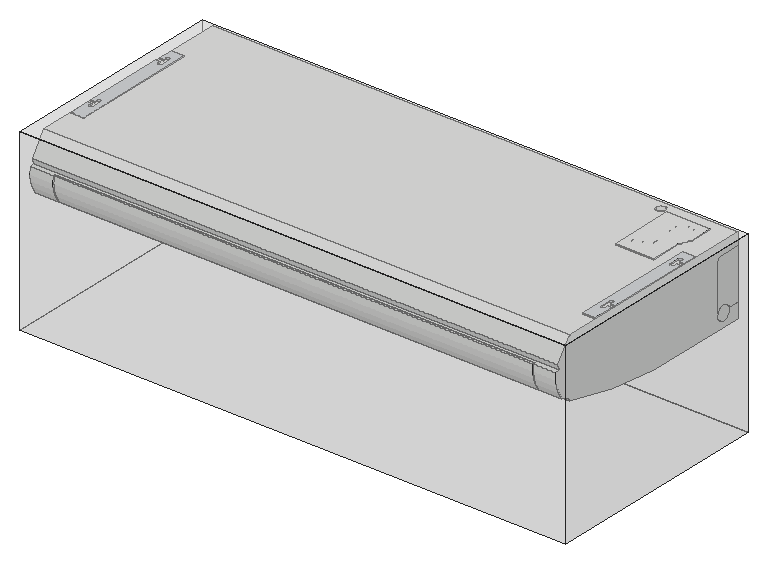
Revit family "outputfile", category 機械設備, Revit 2024
Family settings
  丸型コネクタ寸法 = 半径を使用
  パーツ タイプ = 標準
  OmniClass 番号 = 23.75.10.24.21.27.27
  OmniClass タイトル = Split System Air Conditioning Units
  作業面ベース = いいえ
  常に垂直 = はい
  ロード時にボイドで切り取り = いいえ
  注釈の向きを維持 = いいえ
  共有 = いいえ
  部屋計算ポイント = はい
Parameters (values of type "FHFC140AVM")
  Description = ""
  製造元 = "Daikin"
  書き出し IFC クラス(タイプ) = "IfcUnitaryEquipmentType"
  定義済み IFC タイプ(タイプ) = "AIRCONDITIONINGUNIT"
  Cost = 0
  モデル = "FHFC140AVM"
  Type Comments = ""
  Keynote = ""
  Type Image = (empty or 0)
  Assembly Code = ""
  switch_frequency = yes
  r_Liquid Pipe Size = Liquid Pipe Size / 2  # 4.75 mm
  r_Gas Pipe Size = Gas Pipe Size / 2  # 7.95 mm
  r_Drain Pipe Size = Drain Pipe Size / 2  # 10.0 mm
  l_powersupply [instance] = if(Rear Right Connection_powersupply, 29.0 mm, 175.0 mm)  # 29.0 mm
  h_mountinghole = 2.0 mm  # constant formula
  connector_voltage = Voltage_50Hz  # 230 V
  connector_powerinput = [Power Input (Cooling)]  # 0.000 kW
  connector_phase = Phase_50Hz  # 1
  angle_vertical_powersupply [instance] = if(Rear Right Connection_powersupply, 90.00°, 180.00°)  # 90.00°
  angle_vertical_drainpipe [instance] = if(or(Left Connection_drainpipe, Right Connection_drainpipe), 90.00°, if(Top Connection_drainpipe, 180.00°, -90.00°))  # -90.00°
  angle_horizontal_powersupply [instance] = if(Rear Right Connection_powersupply, 180.00°, 0.00°)  # 180.00°
  angle_horizontal_drainpipe [instance] = if(Right Connection_drainpipe, 90.00°, if(Left Connection_drainpipe, -90.00°, 0.00°))  # 0.00°
  Voltage_comment_50Hz = "220 - 240"
  Voltage_50Hz = 230 V
  URL = ""
  Top Connection_refrigerant [instance] = no
  Top Connection_powersupply [instance] = not(Rear Right Connection_powersupply)  # no
  Right Connection_refrigerant [instance] = no
  Rear Right Connection_refrigerant [instance] = yes
  Phase_50Hz = 1
  Minimum Circuit Amps_50Hz = 0.0 A
  Maximum Fuse Amps_50Hz = 0.0 A
  Material_Casing = DAIKIN_White_Casing_indoorunit
  lw_powersupply [instance] = if(Rear Right Connection_powersupply, 220.0 mm, 210.0 mm)  # 220.0 mm
  lw_mountinghole_pitch = Width - 40.0 mm  # 1550.0 mm
  lw_mountinghole = 20.0 mm  # constant formula
  lw_liquidpipe [instance] = if(Right Connection_refrigerant, 156.0 mm, if(Top Connection_refrigerant, 156.0 mm, 136.0 mm))  # 136.0 mm
  lw_gaspipe = 105.0 mm  # constant formula
  lw_drainpipe [instance] = if(Top Connection_drainpipe, 102.0 mm, if(Width = 960.0 mm, if(or(Left Connection_drainpipe, Rear Left Connection_drainpipe), 884.0 mm, 83.0 mm), if(Width = 1270.0 mm, if(or(Left Connection_drainpipe, Rear Left Connection_drainpipe), 1194.0 mm, 83.0 mm), if(Width = 1590.0 mm, if(or(Left Connection_drainpipe, Rear Left Connection_drainpipe), 1514.0 mm, 83.0 mm), 83.0 mm))))  # 83.0 mm
  lh_powersupply = 175.0 mm  # constant formula
  lh_liquidpipe [instance] = if(Rear Right Connection_refrigerant, 160.0 mm, 131.0 mm)  # 160.0 mm
  lh_gaspipe [instance] = if(Rear Right Connection_refrigerant, 150.0 mm, 91.0 mm)  # 150.0 mm
  lh_drainpipe = 197.0 mm  # constant formula
  l_antena = 1.0 mm  # constant formula
  ld_powersupply = 30.0 mm  # constant formula
  ld_mountinghole_pitch = 260.0 mm  # constant formula
  ld_mountinghole = 210.0 mm  # constant formula
  ld_liquidpipe [instance] = if(Right Connection_refrigerant, 57.0 mm, if(Top Connection_refrigerant, 189.0 mm, 221.0 mm))  # 221.0 mm
  ld_gaspipe [instance] = if(Right Connection_refrigerant, 57.0 mm, if(Top Connection_refrigerant, 163.0 mm, 214.0 mm))  # 214.0 mm
  ld_drainpipe [instance] = if(or(Left Connection_drainpipe, Right Connection_drainpipe), 57.0 mm, if(Top Connection_drainpipe, 87.0 mm, 268.0 mm))  # 268.0 mm
  l_liquidpipe_length [instance] = if(Right Connection_refrigerant, 156.0 mm, if(Top Connection_refrigerant, 131.0 mm, 220.0 mm))  # 220.0 mm
  l_gaspipe_length [instance] = if(Right Connection_refrigerant, 105.0 mm, if(Top Connection_refrigerant, 91.0 mm, 213.0 mm))  # 213.0 mm
  l_drainpipe_length [instance] = if(Right Connection_drainpipe, 83.0 mm, if(Top Connection_drainpipe, 197.0 mm, if(Left Connection_drainpipe, 76.0 mm, 267.0 mm)))  # 267.0 mm
  h*** = 0.0 mm  # constant formula
  angle_vertical [instance] = if(Right Connection_refrigerant, 90.00°, if(Top Connection_refrigerant, 180.00°, -90.00°))  # -90.00°
  angle_horizontal [instance] = if(Right Connection_refrigerant, 90.00°, 0.00°)  # 0.00°
  Width = 1590.0 mm
  Version = "ver.1.0"
  Unit Type = "Ceiling"
  Unit Mass Weight = 42.00 kg
  Unit Designation [instance] = ""
  Uniclass2015Version = "Products v1.30"
  Uniclass2015Title = "Split coil room air conditioning units"
  Uniclass2015Code = "Pr_70_65_03_86"
  Total Cooling Capacity [instance] = 0.000 kW
  Top Connection_drainpipe [instance] = no
  Sound Pressure Level_M speed (dBA) = 39
  Sound Pressure Level_L speed (dBA) = 36
  Sound Pressure Level_H speed (dBA) = 42
  Series = "SkyAir_Fan Coil Unit"
  Sensible Cooling Capacity [instance] = 0.000 kW
  Rear Right Connection_drainpipe [instance] = yes
  Rear Right Connection_powersupply [instance] = yes
  Right Connection_drainpipe [instance] = no
  Refrigerant Type = "R32"
  Power Input (Cooling) = 0.000 kW
  Option Accessory 3 [instance] = ""
  Option Accessory 2 [instance] = ""
  Option Accessory 1 [instance] = ""
  Nominal Cooling Capacity = 14.000 kW
  Minimum Airflow = 1440.00 m³/h
  Median Airflow = 1740.00 m³/h
  Maximum Airflow = 2040.00 m³/h
  Load Classification = HVAC
  Liquid Pipe Size = 9.5 mm
  Link_Nested Family [instance] = ""
  Rear Left Connection_drainpipe [instance] = no
  Left Connection_drainpipe [instance] = no
  IfcVersion = ""
  IfcExportType = "AIRCONDITIONINGUNIT"
  IfcExportAs = "IfcUnitaryEquipmentType"
  Height = 235.0 mm
  Heat Exchanger Type = "Cross Fin Coil"
  Gas Pipe Size = 15.9 mm
  Frequency_50Hz = 50 Hz
  Fan Type = "Sirocco Fan"
  Fan Drive = "Direct Drive"
  FCU Tag No. [instance] = ""
  Drain Pipe Size = 20.0 mm
  Design Supply Airflow [instance] = 0.00 m³/h
  Design Outdoor Airflow [instance] = 0.00 m³/h
  Depth = 690.0 mm
  既定の高さ = 0.0 mm
  Cooling Entering Wet Bulb Temperature [instance] = 0.00 °C
  Cooling Entering Dry Bulb Temperature [instance] = 0.00 °C
  Cooling Ambient Wet Bulb Temperature [instance] = 0.00 °C
  Cooling Ambient Dry Bulb Temperature [instance] = 0.00 °C
  Clearance visibility [instance] = yes
  Clearance Top = 5.0 mm
  Clearance Right = 30.0 mm
  Clearance Rear = 0.0 mm
  Clearance Left = 30.0 mm
  Clearance Front = 0.0 mm
  Clearance Bottom = 300.0 mm
Reference planes
  plane 1 "Back": y = 0
  plane 2: z = 0
  plane 3 "Center (Left/Right)": x = 0
  plane 4 "Center (Front/Back)": y = -1
  plane 5 "Front": y = -690
  plane 6 "Left": x = -795
  plane 7 "Right": x = 795
  plane 8 "Top": z = 0
  plane 9 "Bottom": z = -235
  plane 10: y = -690
  plane 11: x = -825
  plane 12: x = 825
  plane 13: z = 5
  plane 14: z = -535
  plane 15: y = 0
  plane 16 "lw_mountinghole": x = -775
  plane 17 "lw_mountinghole2": x = 775
  plane 18 "ld_mountinghole": y = -210
  plane 19 "ld_mountinghole2": y = -470
  plane 20 "lw_gaspipe": x = 690
  plane 21 "ld_gaspipe": y = -214
  plane 22 "lh_gaspipe": z = -150
  plane 23 "lw_liquidpipe": x = 659
  plane 24 "ld_liquidpipe": y = -221
  plane 25 "lh_liquidpipe": z = -160
  plane 26 "ld_drainpipe": y = -268
  plane 27 "lw_drainpipe": x = 712
  plane 28 "lh_drainpipe": z = -197
  plane 29 "lw_powersupply": x = 575
  plane 30 "lh_powersupply": z = -175
  plane 31 "ld_powersupply": y = -30
  plane 32: x = -725.5
  plane 33: x = 725.5
  plane 34: x = -750
  plane 35: x = 750
  plane 36: x = -2
  plane 37: x = 2
Forms (mm)
  Extrusion 1, solid, material "DAIKIN_White_Casing_indoorunit" <- "Material_Casing"
    sketch origin (0, 0, 0) x (0, 1, 0) y (0, 0, 1)
      loop
        line (-639.277, 0) -> (-680.876, -61.699) -> (-675.026, -77.772)
        arc (-675.026, -77.772) -> (-681.815, -78.743) -> (-688.601, -79.732) r 2634.132
        arc (-688.601, -79.732) -> (-687.018, -121.096) -> (-669.159, -158.439) r 102.2
        line (-669.159, -158.439) -> (-639.858, -169.325) -> (-635.895, -178.261)
        arc (-635.895, -178.261) -> (-479.121, -215.759) -> (-319.077, -235) r 1400.997
        line (-319.077, -235) -> (-1, -235) -> (-1, 0) -> (-639.277, 0)
    from -795 to 795
  Extrusion 2, solid, material "DAIKIN_White_Casing_indoorunit" <- "Material_Casing"
    sketch origin (0, 0, 0) x (0, 1, 0) y (0, 0, 1)
      loop
        arc (-688.601, -79.732) -> (-687.018, -121.096) -> (-669.159, -158.439) r 102.2
        line (-669.159, -158.439) -> (-665.589, -154.869)
        arc (-665.589, -154.869) -> (-682.432, -118.783) -> (-683.39, -78.971) r 97.2
        arc (-683.39, -78.971) -> (-685.996, -79.351) -> (-688.601, -79.732) r 2634.132
    from -725.5 to 725.5
  Extrusion 3, void
    sketch origin (0, 0, 0) x (0, 1, 0) y (0, 0, 1)
      loop
        line (-301.098, -235) -> (-21.098, -235) -> (-21.098, -230) -> (-301.098, -230) -> (-301.098, -235)
    from -750 to 750
  Extrusion 4, solid, material "DAIKIN_White_Grille_indoorunit"
    sketch origin (0, 0, 0) x (0, 1, 0) y (0, 0, 1)
      loop
        line (-20.098, -230) -> (-301.098, -230) -> (-301.098, -235) -> (-20.098, -235) -> (-20.098, -230)
    from -750 to -2
  Extrusion 5, solid, material "DAIKIN_White_Casing_indoorunit" <- "Material_Casing"
    sketch origin (0, 0, 0) x (1, 0, 0) y (0, 0, 1)
      loop
        line (602, -63) -> (602, -178) -> (673, -220) -> (736, -220) -> (736, -63) -> (602, -63)
    from 0 to 1
  Extrusion 6, solid, material "DAIKIN_White_Casing_indoorunit" <- "Material_Casing"
    sketch origin (0, 0, 0) x (-1, 0, 0) y (0, -1, 0)
      loop
        line (-607, 35) -> (-607, 230) -> (-723, 230) -> (-723, 135) -> (-738, 105) -> (-738, 35) -> (-607, 35)
    from 0 to 1.9
  Extrusion 7, void
    sketch origin (795, 0, 0) x (0, 1, 0) y (0, 0, 1)
      loop
        arc (-79.5, -195) -> (-55.446, -217.446) -> (-34.715, -191.9) r 22.5
        line (-34.715, -191.9) -> (-1, -191.9) -> (-1, -190.1) -> (-35.04, -190.1)
        arc (-35.04, -190.1) -> (-54.942, -172.594) -> (-77.7, -186.182) r 22.5
        line (-77.7, -186.182) -> (-77.7, -43)
        arc (-77.7, -43) -> (-76.528, -40.172) -> (-73.7, -39) r 4
        line (-73.7, -39) -> (-1, -39) -> (-1, -37.2) -> (-73.7, -37.2)
        arc (-73.7, -37.2) -> (-77.801, -38.899) -> (-79.5, -43) r 5.8
        line (-79.5, -43) -> (-79.5, -195)
      loop
        circle (-57, -195) r 20.7
    from 0 to -10
  Extrusion 8, void
    sketch origin (-1444.026, -1, 1200) x (1, 0, 0) y (0, 0, 1)
      loop
        arc (715.026, -1375) -> (704.42, -1379.393) -> (700.026, -1390) r 15
        line (700.026, -1390) -> (700.026, -1400)
        arc (700.026, -1400) -> (704.42, -1410.607) -> (715.026, -1415) r 15
        line (715.026, -1415) -> (745.026, -1415)
        arc (745.026, -1415) -> (755.633, -1410.607) -> (760.026, -1400) r 15
        line (760.026, -1400) -> (760.026, -1390)
        arc (760.026, -1390) -> (755.633, -1379.393) -> (745.026, -1375) r 15
        line (745.026, -1375) -> (715.026, -1375)
    from 0 to 10
  Extrusion 9, void
    sketch origin (-795, 0, 0) x (0, 1, 0) y (0, 0, 1)
      loop
        circle (-57, -197) r 22.5
    from 0 to 10
  Extrusion 10, void
    sketch origin (-1444.026, -1, 1200) x (1, 0, 0) y (0, 0, 1)
      loop
        circle (2136.026, -1375) r 44
    from 0 to 10
  Extrusion 11, void
    sketch origin (0, 0, 0) x (-1, 0, 0) y (0, -1, 0)
      loop
        circle (-693, 87) r 30
    from 0 to -10
  Extrusion 12, void
    sketch origin (0, 0, 0) x (-1, 0, 0) y (0, -1, 0)
      loop
        circle (-690, 163) r 18
    from 0 to -10
  Extrusion 13, void
    sketch origin (0, 0, 0) x (-1, 0, 0) y (0, -1, 0)
      loop
        circle (-639, 189) r 13
    from 0 to -10
  Extrusion 14, void
    sketch origin (-1444.026, -1, 1200) x (1, 0, 0) y (0, 0, 1)
      loop
        circle (2019.026, -1375) r 14.5
    from 0 to 10
  Extrusion 15, void
    sketch origin (0, 0, 0) x (-1, 0, 0) y (0, -1, 0)
      loop
        circle (-585, 30) r 14.5
    from 0 to -10
  Extrusion 16, void
    sketch origin (795, 0, 0) x (0, 1, 0) y (0, 0, 1)
      loop
        arc (-665.589, -154.869) -> (-682.432, -118.783) -> (-683.39, -78.971) r 97.2
        arc (-683.39, -78.971) -> (-685.996, -79.351) -> (-688.601, -79.732) r 2634.132
        arc (-688.601, -79.732) -> (-687.018, -121.096) -> (-669.159, -158.439) r 102.2
        line (-669.159, -158.439) -> (-665.589, -154.869)
    from -69.5 to -1520.5
  Extrusion 17, solid, material "DAIKIN_White_Casing_indoorunit" <- "Material_Casing"
    sketch origin (-795, 0, 0) x (0, 1, 0) y (0, 0, 1)
      loop
        circle (-57, -197) r 22.5
    from 0 to 10
  Extrusion 18, solid, material "DAIKIN_White_Grille_indoorunit"
    sketch origin (780, 0, 0) x (0, 1, 0) y (0, 0, 1)
      loop
        line (-20.098, -230) -> (-301.098, -230) -> (-301.098, -235) -> (-20.098, -235) -> (-20.098, -230)
    from -782 to -778
  Extrusion 19, solid, material "DAIKIN_White_Grille_indoorunit"
    sketch origin (0, 0, 0) x (0, 1, 0) y (0, 0, -1)
      loop
        line (-20.098, 230) -> (-20.098, 235) -> (-301.098, 235) -> (-301.098, 230) -> (-20.098, 230)
    from -750 to -2
Cuts and joins
  Extrusion 3, Extrusion 7, Extrusion 8, Extrusion 9, Extrusion 10, Extrusion 11, Extrusion 12, Extrusion 13, Extrusion 14, Extrusion 15, Extrusion 16 cuts Extrusion 1
Lines and regions (mm)
  reference lines
    curve 1: line (795, -580.282, -192.75) -> (795, -551.225, -200.21)
Dimensions and locks
  equal spacing: plane 6 "Left", plane 3 "Center (Left/Right)", plane 7 "Right"
  "Width": plane 6 "Left" to plane 7 "Right"
  "Depth": plane 5 "Front" to plane 1 "Back"
  "Height": plane 8 "Top" to plane 9 "Bottom"
  "Clearance Front": plane 10 to plane 5 "Front"
  "Clearance Left": plane 11 to plane 6 "Left"
  "Clearance Right": plane 7 "Right" to plane 12
  "Clearance Top": plane 13 to plane 8 "Top"
  "Clearance Bottom": plane 9 "Bottom" to plane 14
  "Clearance Rear": plane 1 "Back" to plane 15
  locked: plane 4 "Center (Front/Back)" to plane 1 "Back" at 1
  locked: Extrusion 1 sketch curve to Extrusion 1 sketch curve at 235
  locked: Extrusion 1 sketch curve to Extrusion 1 sketch curve at 318.077
  locked: Extrusion 1 sketch curve to Extrusion 1 sketch curve at 1163.297
  locked: Extrusion 1 sketch curve to Extrusion 1 sketch curve at 231.144
  Extrusion 3 sketch curve to Extrusion 3 sketch curve to plane 1 "Back" = 280.0 mm locked, 21.098 mm locked
  "ld_mountinghole": plane 18 "ld_mountinghole" to plane 1 "Back"
  "ld_mountinghole_pitch": plane 18 "ld_mountinghole" to plane 19 "ld_mountinghole2"
  "lw_mountinghole_pitch": plane 16 "lw_mountinghole" to plane 17 "lw_mountinghole2"
  "lw_mountinghole": plane 6 "Left" to plane 16 "lw_mountinghole"
  "lw_gaspipe": plane 20 "lw_gaspipe" to plane 7 "Right"
  "ld_gaspipe": plane 1 "Back" to plane 21 "ld_gaspipe"
  "lw_liquidpipe": plane 23 "lw_liquidpipe" to plane 7 "Right"
  "ld_liquidpipe": plane 1 "Back" to plane 24 "ld_liquidpipe"
  "lw_drainpipe": plane 27 "lw_drainpipe" to plane 7 "Right"
  "ld_drainpipe": plane 26 "ld_drainpipe" to plane 1 "Back"
  plane 8 "Top" to Extrusion 5 sketch curve to Extrusion 5 sketch curve = 63.0 mm locked, 157.0 mm locked
  plane 7 "Right" to Extrusion 5 sketch curve to Extrusion 5 sketch curve = 59.0 mm locked, 134.0 mm locked
  locked: Extrusion 5 sketch curve to Extrusion 5 sketch curve at 115
  locked: Extrusion 5 sketch curve to Extrusion 5 sketch curve at 63
  locked: Extrusion 6 sketch curve to Extrusion 6 sketch curve at 195
  locked: Extrusion 6 sketch curve to Extrusion 6 sketch curve at 116
  locked: Extrusion 6 sketch curve to Extrusion 6 sketch curve at 131
  locked: Extrusion 6 sketch curve to Extrusion 6 sketch curve at 100
  locked: Extrusion 6 sketch curve to plane 1 "Back" at 35
  locked: Extrusion 6 sketch curve to plane 7 "Right" at 57
  locked: Extrusion 8 sketch curve to Extrusion 8 sketch curve at 40
  locked: Extrusion 8 sketch curve to Extrusion 8 sketch curve at 60
  locked: plane 8 "Top" to Extrusion 8 sketch curve at 175
  locked: Extrusion 8 sketch curve to plane 6 "Left" at 51
  locked: plane 7 "Right" to Extrusion 10 sketch curve at 103
  locked: plane 8 "Top" to Extrusion 10 sketch curve at 175
  locked: Extrusion 11 sketch curve to plane 1 "Back" at 87
  locked: Extrusion 11 sketch curve to plane 7 "Right" at 102
  locked: Extrusion 12 sketch curve to plane 1 "Back" at 163
  locked: Extrusion 12 sketch curve to plane 7 "Right" at 105
  locked: Extrusion 13 sketch curve to plane 1 "Back" at 189
  locked: Extrusion 13 sketch curve to plane 7 "Right" at 156
  "lw_powersupply": plane 29 "lw_powersupply" to plane 7 "Right"
  "lh_gaspipe": plane 8 "Top" to plane 22 "lh_gaspipe"
  "lh_liquidpipe": plane 8 "Top" to plane 25 "lh_liquidpipe"
  "lh_powersupply": plane 8 "Top" to plane 30 "lh_powersupply"
  "lh_drainpipe": plane 8 "Top" to plane 28 "lh_drainpipe"
  "ld_powersupply": plane 1 "Back" to plane 31 "ld_powersupply"
  locked: plane 8 "Top" to Extrusion 7 sketch curve at 195
  locked: Extrusion 7 sketch curve to plane 1 "Back" at 57
  locked: plane 9 "Bottom" to Extrusion 7 sketch curve at 43.1
  locked: Extrusion 7 sketch curve to plane 8 "Top" at 39
  locked: Extrusion 7 sketch curve to plane 1 "Back" at 79.5
  locked: Extrusion 9 sketch curve to plane 1 "Back" at 57
  locked: plane 8 "Top" to Extrusion 9 sketch curve at 197
  locked: Extrusion 17 sketch curve to plane 1 "Back" at 57
  locked: plane 8 "Top" to Extrusion 17 sketch curve at 197
  locked: plane 7 "Right" to Extrusion 14 sketch curve at 220
  locked: plane 8 "Top" to Extrusion 14 sketch curve at 175
  locked: Extrusion 15 sketch curve to plane 7 "Right" at 210
  locked: Extrusion 15 sketch curve to plane 1 "Back" at 30
  locked: curve 1 to plane 9 "Bottom" at 34.79
  locked: curve 1 to plane 9 "Bottom" at 42.25
  locked: plane 6 "Left" to plane 32 at 69.5
  locked: plane 33 to plane 7 "Right" at 69.5
  locked: plane 35 to plane 7 "Right" at 45
  locked: plane 6 "Left" to plane 34 at 45
  plane 36 to plane 3 "Center (Left/Right)" to plane 37 = 2.0 mm locked, 2.0 mm locked
  locked: curve 1 to plane 9 "Bottom" (angle 14.40°)
  aligned and locked: level to plane 2
  aligned and locked: nested 1 to plane 11
  aligned and locked: nested 1 to plane 12
  aligned and locked: nested 1 to plane 10
  aligned and locked: plane 13 to nested 1
  aligned and locked: plane 14 to nested 1
  aligned and locked: plane 15 to nested 1
  aligned and locked: Extrusion 1 sketch curve to plane 8 "Top"
  aligned and locked: Extrusion 2 sketch curve to Extrusion 1  (x2)
  aligned and locked: plane 7 "Right" to Extrusion 1
  aligned and locked: Extrusion 1 to plane 6 "Left"
  aligned and locked: cut or joined group 1 (Extrusion 1, Extrusion 3, Extrusion 7, Extrusion 8, Extrusion 9, Extrusion 10, Extrusion 11, Extrusion 12, Extrusion 13, Extrusion 14, Extrusion 15, Extrusion 16) to Extrusion 3 sketch curve
  aligned and locked: cut or joined group 1 to Extrusion 4 sketch curve
  aligned and locked: Extrusion 5 to plane 4 "Center (Front/Back)"
  aligned and locked: Extrusion 7 sketch curve to plane 4 "Center (Front/Back)"
  aligned and locked: Extrusion 16 sketch curve to Extrusion 2  (x4)
  aligned and locked: Extrusion 16 to Extrusion 2  (x2)
  aligned and locked: nested 2 to plane 26 "ld_drainpipe"
  aligned and locked: plane 27 "lw_drainpipe" to nested 2
  aligned and locked: plane 20 "lw_gaspipe" to nested 3
  aligned and locked: nested 3 to plane 21 "ld_gaspipe"
  aligned and locked: plane 23 "lw_liquidpipe" to nested 4
  aligned and locked: nested 4 to plane 24 "ld_liquidpipe"
  aligned and locked: plane 25 "lh_liquidpipe" to nested 4
  aligned and locked: Extrusion 4 sketch curve to cut or joined group 1
  aligned and locked: nested 5 to plane 31 "ld_powersupply"
  aligned and locked: plane 29 "lw_powersupply" to nested 5
  aligned and locked: nested 7 to plane 18 "ld_mountinghole"
  aligned and locked: plane 16 "lw_mountinghole" to nested 7
  aligned and locked: nested 6 to plane 19 "ld_mountinghole2"
  aligned and locked: plane 16 "lw_mountinghole" to nested 6
  aligned and locked: nested 9 to plane 18 "ld_mountinghole"
  aligned and locked: plane 17 "lw_mountinghole2" to nested 9
  aligned and locked: plane 17 "lw_mountinghole2" to nested 8
  aligned and locked: nested 8 to plane 19 "ld_mountinghole2"
  aligned and locked: nested 10 to curve 1
  aligned and locked: level to plane 8 "Top"
  aligned and locked: cut or joined group 1 to plane 32
  aligned and locked: plane 33 to cut or joined group 1
  aligned and locked: Extrusion 16 to plane 32
  aligned and locked: plane 33 to Extrusion 16
  aligned and locked: Extrusion 4 to plane 34
  aligned and locked: cut or joined group 1 to plane 34
  aligned and locked: plane 34 to Extrusion 4  (x3)
  aligned and locked: plane 16 "lw_mountinghole" to nested 11
  aligned and locked: plane 17 "lw_mountinghole2" to nested 12
  aligned and locked: plane 36 to Extrusion 4
  aligned and locked: Extrusion 18 to plane 36
  aligned and locked: plane 37 to Extrusion 18
  aligned and locked: Extrusion 19 to plane 37
  aligned and locked: plane 37 to Extrusion 19
  aligned and locked: plane 35 to Extrusion 19
  aligned and locked: plane 35 to cut or joined group 1
  aligned and locked: Extrusion 4 to cut or joined group 1
  aligned and locked: cut or joined group 1 to Extrusion 18
  aligned and locked: cut or joined group 1 to Extrusion 19
Automatic sketch dimensions
  Extrusion 1 sketch curve to plane 4 "Center (Front/Back)" = 0.0 mm
  Extrusion 1 sketch curve to plane 5 "Front" = 102.2 mm
  Extrusion 1 sketch curve to plane 30 "lh_powersupply" = 3.261 mm
  Extrusion 1 sketch curve to plane 5 "Front" = 50.723 mm
  plane 30 "lh_powersupply" to Extrusion 1 sketch curve = 5.675 mm
  Extrusion 1 sketch curve to Extrusion 1 sketch curve = 3.963 mm
  plane 25 "lh_liquidpipe" to Extrusion 1 sketch curve = 1.561 mm
  Extrusion 1 sketch curve to plane 5 "Front" = 20.841 mm
  Extrusion 1 sketch curve to plane 5 "Front" = 14.974 mm
  Extrusion 1 sketch curve to plane 5 "Front" = 9.124 mm
  Extrusion 1 sketch curve to plane 26 "ld_drainpipe" = 37.278 mm
  Extrusion 1 sketch curve to plane 14 = 2150.825 mm
  plane 22 "lh_gaspipe" to Extrusion 1 sketch curve = 53.413 mm
  Extrusion 1 sketch curve to level = 77.772 mm
  Extrusion 1 sketch curve to Extrusion 1 sketch curve = 16.072 mm
  Extrusion 2 sketch curve to Extrusion 2 sketch curve = 0.0 mm  (x2)
  plane 25 "lh_liquidpipe" to Extrusion 2 sketch curve = 1.561 mm
  Extrusion 2 sketch curve to plane 22 "lh_gaspipe" = 4.869 mm
  Extrusion 2 sketch curve to Extrusion 2 sketch curve = 3.57 mm
  Extrusion 3 sketch curve to Extrusion 3 sketch curve = 5.0 mm
  plane 31 "ld_powersupply" to Extrusion 4 sketch curve = 9.902 mm
  Extrusion 4 sketch curve to Extrusion 4 sketch curve = 5.0 mm
  Extrusion 6 sketch curve to Extrusion 6 sketch curve = 30.0 mm
  Extrusion 7 sketch curve to Extrusion 7 sketch curve = 0.0 mm  (x6)
  Extrusion 7 sketch curve to plane 4 "Center (Front/Back)" = 0.0 mm  (x2)
  Extrusion 7 sketch curve to Extrusion 7 sketch curve = 1.8 mm  (x2)
  Extrusion 7 sketch curve to Extrusion 7 sketch curve = 4.0 mm
  Extrusion 7 sketch curve to Extrusion 7 sketch curve = 0.325 mm
  Extrusion 8 sketch curve to plane 32 = 3.5 mm  (x2)
  Extrusion 8 sketch curve to plane 28 "lh_drainpipe" = 3.0 mm
  Extrusion 8 sketch curve to Extrusion 8 sketch curve = 15.0 mm
  curve 1 to plane 5 "Front" = 109.718 mm
  Extrusion 18 sketch curve to plane 9 "Bottom" = 0.0 mm
  plane 9 "Bottom" to Extrusion 18 sketch curve = 5.0 mm
  Extrusion 18 sketch curve to plane 26 "ld_drainpipe" = 33.098 mm
  plane 31 "ld_powersupply" to Extrusion 18 sketch curve = 9.902 mm
  Extrusion 19 sketch curve to plane 9 "Bottom" = 0.0 mm
  plane 9 "Bottom" to Extrusion 19 sketch curve = 5.0 mm
  Extrusion 19 sketch curve to plane 26 "ld_drainpipe" = 33.098 mm
  plane 31 "ld_powersupply" to Extrusion 19 sketch curve = 9.902 mm
  radius of Extrusion 7 sketch curve = 20.7 mm
  radius of Extrusion 9 sketch curve = 22.5 mm
  radius of Extrusion 10 sketch curve = 44.0 mm
  radius of Extrusion 11 sketch curve = 30.0 mm
  radius of Extrusion 12 sketch curve = 18.0 mm
  radius of Extrusion 13 sketch curve = 13.0 mm
  radius of Extrusion 14 sketch curve = 14.5 mm
  radius of Extrusion 15 sketch curve = 14.5 mm
  radius of Extrusion 17 sketch curve = 22.5 mm
Nested families
  nested 1: "daikin_clearancespace" at (0, -345, -264.881), visible <- "Clearance visibility", show <- "Clearance visibility", Link_Nested Family <- "Link_Nested Family", type "daikin_clearancespace"
    with width 1650.0 mm, show yes, height 540.0 mm, depth 690.0 mm, Link_Nested Family ""
  nested 2: "daikin_connector_rotate3" at (712, -268, -197), radius <- "r_Drain Pipe Size", angle_vertical <- "angle_vertical_drainpipe", angle_horizontal <- "angle_horizontal_drainpipe", length <- "l_drainpipe_length", type "daikin_connector_rotate3"
    with show no, radius 10.0 mm, length 267.0 mm, angle_vertical -90.00°, angle_horizontal 0.00°
  nested 3: "daikin_connector_rotate3" at (690, -214, -150), radius <- "r_Gas Pipe Size", angle_vertical <- "angle_vertical", angle_horizontal <- "angle_horizontal", length <- "l_gaspipe_length", type "daikin_connector_rotate3"
    with show no, radius 7.95 mm, length 213.0 mm, angle_vertical -90.00°, angle_horizontal 0.00°
  nested 4: "daikin_connector_rotate3" at (659, -221, -160), radius <- "r_Liquid Pipe Size", angle_vertical <- "angle_vertical", angle_horizontal <- "angle_horizontal", length <- "l_liquidpipe_length", type "daikin_connector_rotate3"
    with show no, radius 4.75 mm, length 220.0 mm, angle_vertical -90.00°, angle_horizontal 0.00°
  nested 5: "daikin_connector_rotate3" at (575, -30, -175), length <- "l_powersupply", angle_vertical <- "angle_vertical_powersupply", angle_horizontal <- "angle_horizontal_powersupply", type "daikin_connector_rotate3"
    with show no, radius 10.0 mm, length 29.0 mm, angle_vertical 90.00°, angle_horizontal 180.00°
  nested 6: "daikin_mountinghole" at (-775, -470, 0), l_antenna <- "l_antena", Link_Nested Family <- "Link_Nested Family", h_mountinghole <- "h_mountinghole", type "daikin_mountinghole"
    with show yes, l_antenna 1.0 mm, h_mountinghole 2.0 mm, Link_Nested Family ""
  nested 7: "daikin_mountinghole" at (-775, -210, 0), l_antenna <- "l_antena", Link_Nested Family <- "Link_Nested Family", h_mountinghole <- "h_mountinghole", type "daikin_mountinghole"
    with show yes, l_antenna 1.0 mm, h_mountinghole 2.0 mm, Link_Nested Family ""
  nested 8: "daikin_mountinghole" at (775, -470, 0), l_antenna <- "l_antena", Link_Nested Family <- "Link_Nested Family", h_mountinghole <- "h_mountinghole", type "daikin_mountinghole"
    with show yes, l_antenna 1.0 mm, h_mountinghole 2.0 mm, Link_Nested Family ""
  nested 9: "daikin_mountinghole" at (775, -210, 0), Link_Nested Family <- "Link_Nested Family", l_antenna <- "l_antena", h_mountinghole <- "h_mountinghole", type "daikin_mountinghole"
    with show yes, l_antenna 1.0 mm, h_mountinghole 2.0 mm, Link_Nested Family ""
  nested 10: "daikin_logo_plane_w40" at (647.963, -559.801, -198.008) x (1, 0, 0) z (0, -0.2487, -0.9686), type "daikin_logo_plane_w40"
    with show_logo yes
  nested 11: "daikin_hangerfixture_FHFC-AVM" at (-775, 0, 0), type "daikin_hangerfixture_FHFC-AVM"
    with width 38.0 mm, height 2.0 mm, depth 380.0 mm
  nested 12: "daikin_hangerfixture_FHFC-AVM" at (775, 0, 0) x (-1, 0, 0) z (0, 0, 1), type "daikin_hangerfixture_FHFC-AVM"
    with width 38.0 mm, height 2.0 mm, depth 380.0 mm
Connectors
  piping at (712, -1, -197), diameter 20, driven by "r_Drain Pipe Size"
    settings: on nested 2, index 1, connector inside diameter 609.6 mm, connector length 0.0 mm, flow factor 0, pipe flow 0.00 m³/h, pressure drop 0.0 Pa, fitting loss kfactor 0, connector angle 0.00°, fixture units 0, engagement length 0.0 mm, angle of deflection 0.00°, flow configuration 1, flow direction 2, fitting loss method 4, system type 16, joint type 0, gender type 0, connector reference index -1, connector utility 0, adjustable connector no, is connector primary yes, connector description "Condensate Drain Piping"
  piping at (690, -1, -150), diameter 15.9, driven by "r_Gas Pipe Size"
    settings: on nested 3, index 3, connector inside diameter 609.6 mm, connector length 0.0 mm, flow factor 0, pipe flow 0.00 m³/h, pressure drop 0.0 Pa, fitting loss kfactor 0, connector angle 0.00°, fixture units 0, engagement length 0.0 mm, angle of deflection 0.00°, flow configuration 1, flow direction 2, fitting loss method 0, system type 29, joint type 0, gender type 0, connector reference index -1, connector utility 0, adjustable connector no, is connector primary no, connector description "Refrigerant Gas Piping"
  piping at (659, -1, -160), diameter 9.5, driven by "r_Liquid Pipe Size"
    settings: on nested 4, index 4, connector inside diameter 609.6 mm, connector length 0.0 mm, flow factor 0, pipe flow 0.00 m³/h, pressure drop 0.0 Pa, fitting loss kfactor 0, connector angle 0.00°, fixture units 0, engagement length 0.0 mm, angle of deflection 0.00°, flow configuration 1, flow direction 1, fitting loss method 0, system type 29, joint type 0, gender type 0, connector reference index -1, connector utility 0, adjustable connector no, is connector primary no, connector description "Refrigerant Liquid Piping"
  electrical at (575, -1, -175), driven by "Load Classification", driven by "connector_phase", driven by "connector_voltage", driven by "connector_powerinput"
    settings: on nested 5, index 6, voltage 230 V, apparent load 0 VA, apparent load phase1 0 VA, apparent load phase2 0 VA, apparent load phase3 0 VA, power factor 1, load classification "HVAC", number of poles 1, system type 30, power factor state 1, is connector primary yes, connector utility no, sub classification motor no, connector description "Power Supply"
Definition of nested family "daikin_clearancespace"
  Parameters (values of type "daikin_clearancespace")
    Description = "daikin_clearancespace"
    width [instance] = 1823.963 mm
    show [instance] = yes
    material = none
    height [instance] = 1359.762 mm
    depth [instance] = 880.0 mm
    Default Elevation = 0.0 mm
    Link_Nested Family [instance] = ""
  Reference planes
    plane 1 "Center (Front/Back)": y = 0
    plane 2 "Center (Elevation)": z = -0.119
    plane 3 "Center (Left/Right)": x = 0
    plane 4: y = 440
    plane 5: y = -440
    plane 6 "Right": x = 911.982
    plane 7 "Left": x = -911.982
    plane 8 "Top": z = 679.762
    plane 9 "Bottom": z = -680
  Forms (mm)
    Extrusion 1, solid, material <- "material", visible <- "show"
      sketch origin (0, 0, 0) x (1, 0, 0) y (0, 1, 0)
        loop
          line (-911.982, 440) -> (-911.982, -440) -> (911.982, -440) -> (911.982, 440) -> (-911.982, 440)
      from -680 to 679.762
  Lines and regions (mm)
    symbolic lines, visible <- "show"
      curve 1: line (911.982, 440, 0) -> (-911.982, 440, 0)
      curve 2: line (-911.982, 440, 0) -> (-911.982, -440, 0)
      curve 3: line (-911.982, -440, 0) -> (911.982, -440, 0)
      curve 4: line (911.982, -440, 0) -> (911.982, 440, 0)
      curve 5: line (911.982, 0, 679.762) -> (-911.982, 0, 679.762)
      curve 6: line (911.982, 0, -680) -> (911.982, 0, 679.762)
      curve 7: line (-911.982, 0, -680) -> (911.982, 0, -680)
      curve 8: line (-911.982, 0, 679.762) -> (-911.982, 0, -680)
      curve 9: line (0, 440, 679.762) -> (0, -440, 679.762)
      curve 10: line (0, -440, 679.762) -> (0, -440, -680)
      curve 11: line (0, 440, -680) -> (0, 440, 679.762)
      curve 12: line (0, -440, -680) -> (0, 440, -680)
  Dimensions and locks
    "width": plane 7 "Left" to plane 6 "Right"
    "depth": plane 4 to plane 5
    "height": plane 8 "Top" to plane 9 "Bottom"
    equal spacing: plane 7 "Left", plane 3 "Center (Left/Right)", plane 6 "Right"
    equal spacing: plane 4, plane 1 "Center (Front/Back)", plane 5
    equal spacing: plane 8 "Top", plane 2 "Center (Elevation)", plane 9 "Bottom"
    aligned and locked: level to plane 2 "Center (Elevation)"
    aligned and locked: Extrusion 1 sketch curve to plane 4
    aligned and locked: plane 7 "Left" to Extrusion 1 sketch curve
    aligned and locked: Extrusion 1 sketch curve to plane 5
    aligned and locked: Extrusion 1 sketch curve to plane 6 "Right"
    aligned and locked: plane 8 "Top" to Extrusion 1
    aligned and locked: curve 1 to Extrusion 1
    aligned and locked: curve 2 to Extrusion 1
    aligned and locked: curve 3 to Extrusion 1
    aligned and locked: curve 4 to Extrusion 1
    aligned and locked: curve 5 to Extrusion 1
    aligned and locked: curve 6 to Extrusion 1
    aligned and locked: curve 7 to Extrusion 1
    aligned and locked: curve 8 to Extrusion 1
    aligned and locked: curve 9 to Extrusion 1
    aligned and locked: curve 10 to Extrusion 1
    aligned and locked: curve 11 to Extrusion 1
    aligned and locked: curve 12 to Extrusion 1
    aligned and locked: Extrusion 1 to plane 9 "Bottom"
Definition of nested family "daikin_logo_plane_w40"
  Parameters (values of type "daikin_logo_plane_w40")
    width = 40.0 mm
    show_logo [instance] = yes
    material = none
    height = 0.0 mm
    depth = 0.0 mm
    Default Elevation = 1219.2 mm
  Reference planes
    plane 1 "Center (Front/Back)": y = 0
    plane 2: z = 0
    plane 3 "Center (Left/Right)": x = 0
    plane 4: z = 2
    plane 5 "left": x = -19
    plane 6: x = 19
  Forms (mm)
    Extrusion 1, solid, visible <- "show_logo"
      sketch origin (-19, 0, 0) x (1, 0, 0) y (0, 1, 0)
        loop
          line (8.902, -1.878) -> (7.789, -6.332) -> (11.13, -6.332)
          arc (11.13, -6.332) -> (12.454, -6.064) -> (13.472, -5.176) r 2.642
          arc (13.472, -5.176) -> (13.92, -4.02) -> (13.767, -2.79) r 2.537
          arc (13.767, -2.79) -> (13.452, -2.342) -> (12.982, -2.06) r 1.321
          arc (12.982, -2.06) -> (12.063, -1.902) -> (11.13, -1.878) r 6.479
          line (11.13, -1.878) -> (8.902, -1.878)
        loop
          line (10.016, -5.441) -> (10.907, -5.441)
          arc (10.907, -5.441) -> (11.591, -4.983) -> (11.988, -4.261) r 1.742
          spline (11.988, -4.261) -> (12.01, -4.155) -> (12.027, -4.03) -> (12.037, -3.893) -> (12.037, -3.747) -> (12.026, -3.598) -> (12.002, -3.451) -> (11.962, -3.31) -> (11.905, -3.181) -> (11.829, -3.069) -> (11.731, -2.978) -> (11.61, -2.913) -> (11.464, -2.88)
          line (11.464, -2.88) -> (10.573, -2.88) -> (10.016, -5.441)
        loop
          line (13.58, -6.332) -> (14.805, -6.332) -> (15.223, -5.553) -> (16.977, -5.553) -> (17.144, -6.332) -> (19.149, -6.332) -> (18.258, -1.878) -> (16.03, -1.878) -> (13.58, -6.332)
        loop
          line (16.476, -3.214) -> (15.76, -4.551) -> (16.762, -4.551) -> (16.476, -3.214)
        loop
          line (19.705, -6.332) -> (21.599, -6.332) -> (22.712, -1.878) -> (20.819, -1.878) -> (19.705, -6.332)
        loop
          line (22.712, -6.332) -> (24.606, -6.332) -> (24.908, -5.122) -> (25.831, -6.332) -> (28.17, -6.332) -> (26.388, -3.994) -> (28.949, -1.878) -> (26.945, -1.878) -> (25.401, -3.153) -> (25.719, -1.878) -> (23.826, -1.878) -> (22.712, -6.332)
        loop
          line (29.84, -1.878) -> (28.615, -6.332) -> (30.62, -6.332) -> (31.734, -1.878) -> (29.84, -1.878)
        loop
          line (31.734, -6.332) -> (33.07, -6.332) -> (33.7, -3.814) -> (34.518, -6.332) -> (36.745, -6.332) -> (37.859, -1.878) -> (36.523, -1.878) -> (35.845, -4.589) -> (34.963, -1.878) -> (32.847, -1.878) -> (31.734, -6.332)
      from 0 to 2
    Extrusion 2, solid, visible <- "show_logo"
      sketch origin (-19, 0, 0) x (1, 0, 0) y (0, 1, 0)
        loop
          line (8.7, 0) -> (4.235, 0) -> (0, -3.879) -> (0, -8) -> (8.7, 0)
      from 0 to 2
    Extrusion 3, solid, visible <- "show_logo"
      sketch origin (-19, 0, 0) x (1, 0, 0) y (0, 1, 0)
        loop
          line (0, 0) -> (0, -3.879) -> (4.235, 0) -> (0, 0)
      from 0 to 2
  Dimensions and locks
    plane 4 to plane 2 = 2.0 mm
    equal spacing: plane 5 "left", plane 3 "Center (Left/Right)", plane 6
    locked: plane 5 "left" to plane 6 at 38
    aligned and locked: level to plane 2
    aligned and locked: Extrusion 3 to plane 1 "Center (Front/Back)"  (x2)
    aligned and locked: Extrusion 2 to plane 1 "Center (Front/Back)"  (x2)
    aligned and locked: plane 4 to Extrusion 1
    aligned and locked: plane 4 to Extrusion 3
    aligned and locked: plane 4 to Extrusion 2
    aligned and locked: Extrusion 3 to plane 5 "left"
    aligned and locked: Extrusion 2 to plane 5 "left"
  Automatic sketch dimensions
    Extrusion 1 sketch curve to Extrusion 1 sketch curve = 0.901 mm
    Extrusion 1 sketch curve to Extrusion 1 sketch curve = 1.559 mm
    Extrusion 1 sketch curve to Extrusion 1 sketch curve = 1.327 mm
    Extrusion 1 sketch curve to Extrusion 1 sketch curve = 2.145 mm
    Extrusion 1 sketch curve to Extrusion 1 sketch curve = 1.448 mm
    Extrusion 1 sketch curve to Extrusion 1 sketch curve = 2.116 mm
    Extrusion 1 sketch curve to Extrusion 1 sketch curve = 1.114 mm  (x4)
    Extrusion 1 sketch curve to Extrusion 1 sketch curve = 1.336 mm  (x2)
    plane 1 "Center (Front/Back)" to Extrusion 1 sketch curve = 1.878 mm  (x5)
    Extrusion 1 sketch curve to Extrusion 1 sketch curve = 1.893 mm  (x5)
    Extrusion 1 sketch curve to Extrusion 1 sketch curve = 0.891 mm  (x4)
    Extrusion 1 sketch curve to Extrusion 1 sketch curve = 2.005 mm  (x3)
    Extrusion 1 sketch curve to Extrusion 1 sketch curve = 0.445 mm  (x2)
    plane 1 "Center (Front/Back)" to Extrusion 1 sketch curve = 3.994 mm
    Extrusion 1 sketch curve to Extrusion 1 sketch curve = 0.557 mm  (x2)
    Extrusion 1 sketch curve to Extrusion 1 sketch curve = 2.339 mm  (x2)
    Extrusion 1 sketch curve to Extrusion 1 sketch curve = 1.225 mm  (x3)
    plane 1 "Center (Front/Back)" to Extrusion 1 sketch curve = 3.153 mm
    Extrusion 1 sketch curve to Extrusion 1 sketch curve = 0.987 mm
    plane 1 "Center (Front/Back)" to Extrusion 1 sketch curve = 5.122 mm
    Extrusion 1 sketch curve to Extrusion 1 sketch curve = 0.922 mm
    plane 1 "Center (Front/Back)" to Extrusion 1 sketch curve = 6.332 mm
    Extrusion 1 sketch curve to Extrusion 1 sketch curve = 2.562 mm
    plane 1 "Center (Front/Back)" to Extrusion 1 sketch curve = 5.553 mm
    Extrusion 1 sketch curve to Extrusion 1 sketch curve = 0.167 mm
    Extrusion 1 sketch curve to Extrusion 1 sketch curve = 0.215 mm
    plane 1 "Center (Front/Back)" to Extrusion 1 sketch curve = 3.214 mm
    Extrusion 1 sketch curve to Extrusion 1 sketch curve = 0.286 mm
    plane 1 "Center (Front/Back)" to Extrusion 1 sketch curve = 4.551 mm
    Extrusion 1 sketch curve to Extrusion 1 sketch curve = 1.002 mm
    Extrusion 1 sketch curve to Extrusion 1 sketch curve = 0.537 mm
    Extrusion 1 sketch curve to Extrusion 1 sketch curve = 0.418 mm
    Extrusion 1 sketch curve to Extrusion 1 sketch curve = 1.028 mm
    plane 1 "Center (Front/Back)" to Extrusion 1 sketch curve = 4.261 mm
    Extrusion 1 sketch curve to Extrusion 1 sketch curve = 0.563 mm
    plane 1 "Center (Front/Back)" to Extrusion 1 sketch curve = 2.88 mm
    Extrusion 1 sketch curve to Extrusion 1 sketch curve = 1.088 mm
    Extrusion 1 sketch curve to Extrusion 1 sketch curve = 2.152 mm
    Extrusion 1 sketch curve to Extrusion 1 sketch curve = 0.586 mm
    Extrusion 1 sketch curve to Extrusion 1 sketch curve = 0.118 mm
    Extrusion 1 sketch curve to Extrusion 1 sketch curve = 0.298 mm
    Extrusion 1 sketch curve to Extrusion 1 sketch curve = 0.334 mm
    Extrusion 1 sketch curve to Extrusion 1 sketch curve = 0.223 mm
    Extrusion 1 sketch curve to Extrusion 1 sketch curve = 0.266 mm
    Extrusion 1 sketch curve to Extrusion 1 sketch curve = 1.671 mm
    Extrusion 1 sketch curve to Extrusion 1 sketch curve = 2.227 mm
    Extrusion 1 sketch curve to Extrusion 1 sketch curve = 0.0 mm  (x7)
    Extrusion 1 sketch curve to Extrusion 1 sketch curve = 3.453 mm
    Extrusion 1 sketch curve to Extrusion 1 sketch curve = 2.017 mm
    Extrusion 1 sketch curve to Extrusion 1 sketch curve = 0.78 mm  (x2)
    Extrusion 1 sketch curve to Extrusion 1 sketch curve = 1.743 mm
    Extrusion 1 sketch curve to Extrusion 1 sketch curve = 0.775 mm
    Extrusion 1 sketch curve to Extrusion 1 sketch curve = 0.552 mm
    Extrusion 1 sketch curve to Extrusion 1 sketch curve = 0.014 mm
    Extrusion 1 sketch curve to Extrusion 1 sketch curve = 0.952 mm
    Extrusion 1 sketch curve to Extrusion 1 sketch curve = 1.215 mm
    Extrusion 1 sketch curve to Extrusion 1 sketch curve = 0.108 mm
    plane 1 "Center (Front/Back)" to Extrusion 2 sketch curve = 0.0 mm
    Extrusion 2 sketch curve to plane 3 "Center (Left/Right)" = 19.0 mm
    Extrusion 2 sketch curve to plane 3 "Center (Left/Right)" = 14.765 mm
    Extrusion 2 sketch curve to Extrusion 2 sketch curve = 4.465 mm
    plane 1 "Center (Front/Back)" to Extrusion 2 sketch curve = 3.879 mm
    Extrusion 2 sketch curve to Extrusion 2 sketch curve = 4.12 mm
    plane 1 "Center (Front/Back)" to Extrusion 3 sketch curve = 0.0 mm
    Extrusion 3 sketch curve to plane 3 "Center (Left/Right)" = 19.0 mm
    Extrusion 3 sketch curve to plane 3 "Center (Left/Right)" = 14.765 mm
    plane 1 "Center (Front/Back)" to Extrusion 3 sketch curve = 3.879 mm
    Extrusion 1 sketch curve to plane 3 "Center (Left/Right)" = 11.211 mm
    Extrusion 1 sketch curve to Extrusion 1 sketch curve = 1.782 mm
Definition of nested family "daikin_hangerfixture_FHFC-AVM"
  Parameters (values of type "daikin_hangerfixture_FHA-CV2S")
    width = 44.0 mm
    material = none
    height = 155.0 mm
    depth = 33.0 mm
    Default Elevation = 0.0 mm
  Reference planes
    plane 1 "Center (Front/Back)": y = 0
    plane 2: z = 0
    plane 3 "Center (Left/Right)": x = 0
    plane 4: z = -2.3
    plane 5: z = -155
    plane 6: z = -12
  Forms (mm)
    Extrusion 1, solid
      sketch origin (0, 0, 0) x (1, 0, 0) y (0, 1, 0)
        loop
          line (20, -159) -> (-18, -159) -> (-18, -204) -> (-6, -204) -> (-6, -196)
          arc (-6, -196) -> (0, -190) -> (6, -196) r 6
          line (6, -196) -> (6, -224)
          arc (6, -224) -> (0, -230) -> (-6, -224) r 6
          line (-6, -224) -> (-6, -216) -> (-18, -216) -> (-18, -464) -> (-6, -464) -> (-6, -456)
          arc (-6, -456) -> (0, -450) -> (6, -456) r 6
          line (6, -456) -> (6, -484)
          arc (6, -484) -> (0, -490) -> (-6, -484) r 6
          line (-6, -484) -> (-6, -476) -> (-18, -476) -> (-18, -539) -> (20, -539) -> (20, -159)
      from 0 to 2
  Dimensions and locks
    plane 2 to plane 4 = 2.3 mm
    "height": plane 2 to plane 5
    locked: plane 2 to plane 6 at 12
    aligned and locked: level to plane 2
  Automatic sketch dimensions
    plane 3 "Center (Left/Right)" to Extrusion 1 sketch curve = 20.0 mm
    plane 1 "Center (Front/Back)" to Extrusion 1 sketch curve = 159.0 mm
    Extrusion 1 sketch curve to plane 3 "Center (Left/Right)" = 18.0 mm
    Extrusion 1 sketch curve to Extrusion 1 sketch curve = 380.0 mm
    Extrusion 1 sketch curve to Extrusion 1 sketch curve = 63.0 mm
    Extrusion 1 sketch curve to plane 3 "Center (Left/Right)" = 0.0 mm  (x4)
    plane 3 "Center (Left/Right)" to Extrusion 1 sketch curve = 6.0 mm
    Extrusion 1 sketch curve to Extrusion 1 sketch curve = 8.0 mm  (x4)
    Extrusion 1 sketch curve to Extrusion 1 sketch curve = 20.0 mm  (x2)
    Extrusion 1 sketch curve to Extrusion 1 sketch curve = 0.0 mm  (x2)
    Extrusion 1 sketch curve to Extrusion 1 sketch curve = 57.0 mm
    Extrusion 1 sketch curve to plane 3 "Center (Left/Right)" = 6.0 mm
Definition of nested family "daikin_connector_rotate3"
  Parameters (values of type "daikin_connector_rotate3")
    show [instance] = yes
    radius [instance] = 10.0 mm
    length [instance] = 600.0 mm
    angle_horizontal [instance] = 60.00°
    angle_vertical [instance] = 90.00°
    Default Elevation = 1219.2 mm
  Reference planes
    plane 1 "Center (Front/Back)": y = 0
    plane 2: z = 0
    plane 3 "Center (Left/Right)": x = 0
  Dimensions and locks
    "angle_horizontal": angle plane 3 "Center (Left/Right)" to nested 1
    aligned and locked: level to plane 2
    aligned and locked: plane 1 "Center (Front/Back)" to nested 1  (x2)
    aligned and locked: plane 3 "Center (Left/Right)" to nested 1
  Nested families
    nested 1: "daikin_connector_rotate2" at (0, 0, 0) x (0.5, 0.866, 0) z (0, 0, 1), angle_vertical <- "angle_vertical", length <- "length", radius <- "radius", type "daikin_connector_rotate2"
      with radius 10.0 mm, length 600.0 mm, angle_vertical 90.00°
  Definition of nested family "daikin_connector_rotate2"
    Parameters (values of type "daikin_connector_rotate2")
      show_face = yes
      radius [instance] = 10.0 mm
      length [instance] = 600.0 mm
      d_surface = 10.0 mm
      angle_vertical [instance] = 90.00°
      Default Elevation = 0.0 mm
    Reference planes
      plane 1 "Center (Front/Back)": y = 0
      plane 2: z = 0
      plane 3 "Center (Left/Right)": x = 0
    Forms (mm)
      Extrusion 1, solid, visible <- "show_face"
        sketch origin (0, -600, 0) x (1, 0, 0) y (0, 0, 1)
          loop
            circle (0, 0) r 10
        from 0 to -10
    Lines and regions (mm)
      reference lines
        curve 1: line (0, 0, 0) -> (0, -600, 0)
      symbolic lines
        curve 2: circle (0, 0, 0) r 5 normal (0, 0, 1)
      model lines, visible <- "show_face"
        curve 3: line (0, 0, 0) -> (0, -600, 0)
    Dimensions and locks
      "length": curve 1 to curve 1
      "length": curve 3 to curve 3
      "d_surface": Extrusion 1 to Extrusion 1
      "radius": radius of Extrusion 1 sketch curve
      "angle_vertical": angle curve 1 to plane 1 "Center (Front/Back)"
      "angle_vertical": angle curve 3 to plane 1 "Center (Front/Back)"
      aligned and locked: level to plane 2
      aligned and locked: plane 1 "Center (Front/Back)" to curve 1
      aligned and locked: plane 2 to curve 1
      aligned and locked: plane 1 "Center (Front/Back)" to curve 2
      aligned and locked: plane 3 "Center (Left/Right)" to curve 2
      aligned and locked: plane 1 "Center (Front/Back)" to curve 3
      aligned and locked: plane 2 to curve 3
      aligned and locked: Extrusion 1 to Extrusion 1
    Automatic sketch dimensions
      Extrusion 1 sketch curve to level = 0.0 mm
      Extrusion 1 sketch curve to plane 3 "Center (Left/Right)" = 0.0 mm
      radius of curve 2 = 5.0 mm
Definition of nested family "daikin_mountinghole"
  Parameters (values of type "daikin_mountinghole")
    Default Elevation = 1219.2 mm
    Type Comments = "mountinghole"
    show [instance] = yes
    material = none
    l_centerline = 100.0 mm
    l_antenna [instance] = 100.0 mm
    h_mountinghole [instance] = 0.0 mm
    d_circle = 30.0 mm
    Link_Nested Family [instance] = ""
  Reference planes
    plane 1 "Center (Front/Back)": y = 0
    plane 2: z = 0
    plane 3 "Center (Left/Right)": x = 0
    plane 4: y = 50
    plane 5: x = -50
    plane 6: x = 50
    plane 7: y = -50
    plane 8 "h_mountinghole": z = 0
    plane 9: z = 100
  Lines and regions (mm)
    model lines, detail levels fine
      curve 1: circle (0, 0, 0) r 15 normal (0, 0, 1)
      curve 2: line (-50, 0, 0) -> (50, 0, 0)
      curve 3: line (0, 50, 0) -> (0, -50, 0)
    symbolic lines, detail levels fine
      curve 4: circle (0, 0, 0) r 15 normal (0, 0, 1)
      curve 5: line (-50, 0, 0) -> (50, 0, 0)
      curve 6: line (0, 50, 0) -> (0, -50, 0)
    model lines
      curve 7: line (0, 0, 100) -> (0, 0, 0)
  Dimensions and locks
    equal spacing: plane 4, plane 1 "Center (Front/Back)", plane 7
    "l_centerline": plane 4 to plane 7
    equal spacing: plane 5, plane 3 "Center (Left/Right)", plane 6
    "l_centerline": plane 5 to plane 6
    "l_antenna": plane 9 to plane 8 "h_mountinghole"
    "h_mountinghole": plane 8 "h_mountinghole" to plane 2
    "d_circle": diameter of curve 1
    "d_circle": diameter of curve 4
    aligned and locked: level to plane 2
    aligned and locked: plane 1 "Center (Front/Back)" to curve 1
    aligned and locked: plane 3 "Center (Left/Right)" to curve 1
    aligned and locked: plane 1 "Center (Front/Back)" to curve 2
    aligned and locked: curve 3 to plane 3 "Center (Left/Right)"
    aligned and locked: plane 6 to curve 2
    aligned and locked: plane 5 to curve 2
    aligned and locked: plane 4 to curve 3
    aligned and locked: plane 7 to curve 3
    aligned and locked: plane 1 "Center (Front/Back)" to curve 4
    aligned and locked: plane 3 "Center (Left/Right)" to curve 4
    aligned and locked: plane 6 to curve 5
    aligned and locked: plane 5 to curve 5
    aligned and locked: plane 1 "Center (Front/Back)" to curve 5
    aligned and locked: plane 4 to curve 6
    aligned and locked: plane 7 to curve 6
    aligned and locked: curve 6 to plane 3 "Center (Left/Right)"
    aligned and locked: curve 7 to plane 3 "Center (Left/Right)"
    aligned and locked: plane 9 to curve 7
    aligned and locked: plane 8 "h_mountinghole" to curve 7
